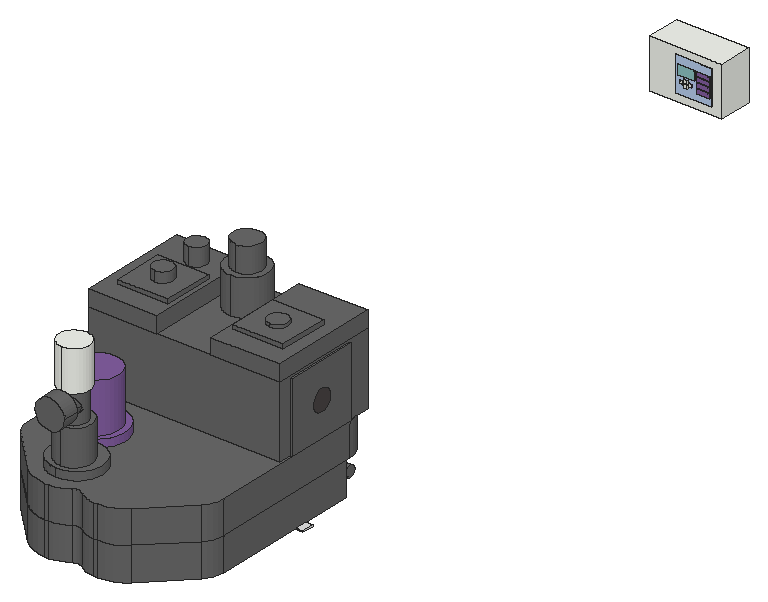
Revit family "11038", category Generic Models, Revit 2021
Family settings
  Can host rebar = No
  Round Connector Dimension = Use Diameter
  Part Type = Normal
  Work Plane-Based = No
  Always vertical = Yes
  Cut with Voids When Loaded = No
  Shared = Yes
  Room Calculation Point = No
Parameters (values of type "11038")
  SUPPLIER = "KESSEL"
  SA700ID49 = "Protection Class I"
  SA700ID48 = "no"
  SA700ID47 = "no"
  SA700ID46 = "yes"
  SA700ID37 = 16000 mm
  SA700ID34 = 47
  SA700ID33 = 3.2 W
  SA700ID32 = 65.03 kg
  SA700ID31 = 1
  SA700ID30 = 1
  SA700ID29 = "GLRD"
  SA700ID21 = 1600
  SA700ID10 = "yes"
  SA700ID08 = 400 V
  PROCUREWEBLINK = "https://p.caden.as/kessel/11038"
  PROCURELINK = "p.caden.as/kessel/11038"
  PROCUREDATALASTUPDATE = "2024-05-22T12:18:05.572715908+01:00"
  PREVIEW = "../../_pool_/1b/bb/11038.png"
  PRC_SPECIFICATIONLINK = "https://ausschreiben.de/catalog/kessel/catalogItem/348730fb-3163-4e46-a160-636735118f9f"
  NN = "Lifting station Aqualift F XL"
  NBSYN = "$SA810ID03."
  NB = "11038"
  Model = "11038"
  Manufacturer = "KESSEL"
  MIdent = "{$CADENAS_DATA/23d-libs/kessel/kessel_vdi_import/4/entwaesserung/hebeanlage20aqualift20f20xl.prj},201 {STYP=ASS},{VTYP=3D},{NB=11038},{LINA=11038},{NN=Lifting station Aqualift F XL},{DATE=21.11.2022 10:48:11},{GEOMDATE=21.11.2022 10:48:11},{VERSION=},{LINEID=430},{WBVAR=LODLEVEL},{WBNUMERIC=LODLEVEL}  {NB=11038},{LINA=11038},{KT=DUMMY},{PREVIEW=../../_pool_/1b/bb/11038.png},{SA700ID04=Hebeanlage Aqualift F XL 200 l, Mono, SPF 3000-S3, Schieber},{SA810ID06=04026092057056},{SA700ID34=47.00},{SA010ID03=201805},{SA810ID03=11038},{SA810ID10=Aqualift F XL 3000W-S3 Mono 200L m.S.KESSEL Aqualift F XL Hebeanlage für fäkalienhaltiges und fäkalienfreies Abwasser. Zur Aufstellung in frostgeschützten Räumen.Monoanlage mit einer Pumpe des Typs SPF 3000-S3 Sammelbehälter aus Polyethylen, mit verschraubter Reinigungsöffnung,Anschlussstutzen für Zulauf von oben DN100/150.Inklusive Tauchrohr zur pneumatischen Niveauerfassung,Entlüftungsanschluss DN 70 und Anschluss für eine Handmembranpumpe DN 32.Behälter inklusive Haltewinkel zur Auftriebssicherung.Behältervolumen 200 Liter, max. Nutzvolumen bei Zulauf von oben ca. 120 Liter.Zwei seitliche und zwei rückseitige Anbohrflächen zur Montage weiterer Zuläufe bis DN 200 unter Verwendung von Durchgangsdichtungen.Inklusive KESSEL Schaltgerät Aqualift Comfort 400 V.Anwenderfreundliche Menüführung im mehrzeiligem Display. MitSelbstdiagnosesystem (SDS) und Erinnerungsfunktion für nächste Wartung.Anzeige der aktuellen Messwerte. Einfache Einstellung derfunktionsrelevanten Parameter, inklusive Betriebsstundenzähler und potentialfreiem Kontakt. Optionale Weiterleitung von Alarm- und Sammelstörmeldung über GSM Schnittstelle.Schaltgerät mit Volltextanzeige in sechs Sprachen.Abwasserpumpe(n) mit Freistromrad zur Förderung von fäkalienfreiem und fäkalienhaltigem Abwasser gemäß DIN EN 12050-1. Freier Kugeldurchgang mindestens 40 mm. Pumpe(n) überflutungssicher. Inklusive Rückflussverhinderer, mit Druckabgang aus Kunststoff DN 100. Inklusive Absperrschieber.Pumpe(n) Typ SPF 3000-S3Fördermenge: max. 47 m³/hFörderhöhe: max. 16 mNennleistung (P2): 2,7 KW je PumpeAufnahmeleistung (P1):  3,3 KW je PumpeBetriebsspannung: 400 V DSNennfrequenz: 50 HzNennstrom: 5,4 AAbsicherung: 3 x 16 A trägeSchutzart (Pumpe): IP68 3mWS/48hSchutzart (Schaltgerät): IP 65Bertiebsart: S3 (50 % Einschaltdauer)Kabellänge: 5 mAußenmaße Anlage mit 200 Liter Behälter (BxTxH): 760 x 980 x 770 mm},{SA700ID37=16.00},{SA700ID33=3.20},{SA700ID08=400},{SA700ID30=1},{SA700ID32=65.03},{SA700ID49=Schutzklasse I},{SA700ID50=intern},{SA200ID03=6},{SA250ID03=vertikal},{SA260ID03=Trockenläuferpumpe},{SA350ID03=normalansaugend},{SA400ID03=E-Motor für Drehstrom},{SA460ID03=direkt},{SA500ID03=Kunststoff, Edelstahl},{SA700ID06=100},{SA700ID07=100},{SA700ID09=3/N/PE 400V},{SA700ID10=Ja},{SA700ID11=50},{SA700ID12=IP 68},{SA700ID13=F},{SA700ID15=40},{SA700ID21=1600.00},{SA700ID22=2.70},{SA700ID23=2845},{SA700ID24=2845},{SA700ID26=5.40},{SA700ID27=41.00},{SA700ID28=durchgehend},{SA700ID29=GLRD},{SA700ID31=1},{SA700ID46=ja},{SA700ID47=nein},{SA700ID48=nein},{SA110ID04=Hebeanlage Aqualift F XL},{SA300ID03=einstufig},{SA700ID44=10.00},{SA700ID45=10.00},{SA010ID04=KESSEL AG},{LODLEVEL=200},{LINK=https://www.kessel.de/info?han=11038},{SA970ID01=970},{SA970ID02=7131},{SA970ID03=11038},{SA970ID04=11002617},{SA970ID05=QUAD},{SA970ID06=-410},{SA970ID07=-850},{SA970ID08=0},{SA970ID09=1},{SA970ID10=0},{SA970ID11=0},{SA970ID12=0},{SA970ID13=1},{SA970ID14=0},{SA970ID15=820},{SA970ID16=980},{SA970ID17=771},{LODLEVEL_=200,'Low'},{LODLEVEL_DEU=200,'Low'},{LINK_=https://www.kessel.de/info?han=11038},{LINK_DEU=https://www.kessel.de/info?han=11038},{LODLEVEL_3DB=11038_200},{DNIN1=100},{DNIN2=70},{DNIN4=10},{DNIN5=10},{DNIN6=50},{DNIN7=50},{DNIN8=50},{DNIN9=50},{DNOUT1=32},{DNOUT2=100},{DNOUT3=70},{ISD1=96},{ISD2=10},{ISDOUT1=40},{ISDOUT2=60},{ISDOUT3=65},{SA010ID01=010},{SA010ID02=4},{SA010ID06=www.kessel.de},{SA010ID07=www.kessel.de},{SA010ID12=20180713},{SA010ID13=DEU},{SA010ID14=DE},{SA100ID01=100},{SA100ID02=4},{SA100ID04=Entwässerung},{SA110ID01=110},{SA110ID02=6},{SA200ID01=200},{SA200ID02=6},{SA250ID01=250},{SA250ID02=2},{SA260ID01=260},{SA260ID02=2},{SA300ID01=300},{SA300ID02=1},{SA350ID01=350},{SA350ID02=1},{SA400ID01=400},{SA400ID02=2},{SA460ID01=460},{SA460ID02=1},{SA500ID01=500},{SA500ID02=1},{SA700ID01=700},{SA700ID02=51},{SA700ID10_=1},{SA700ID16=0},{SA700ID25=0},{SA700ID46_=1},{SA700ID47_=0},{SA700ID48_=0},{SA700ID49_=1},{SA700ID50_=2},{SA800ID01=800},{SA800ID02=15},{SA810ID01=810},{SA810ID02=51},{SA810ID04=11038},{SA810ID07=51},{SA810ID09=1},{SA810ID14=PCE},{SA810ID15=1},{SA810ID16=NMP},{SA960ID03=51},{SA960ID04=3L},{SA960ID08=https://www.kessel.de/info?han=11038},{SA010ID08=4026092000007},{SA100ID05=Hebeanlage},{SA110ID06=Hebeanlage}"
  LINK = "https://www.kessel.de/info?han=11038"
  LINA = "11038"
  Default Elevation = 0 mm
  CREATOR = "CADENAS GmbH"
  CATALOG = "KESSEL"
  BOMINFO = "LINA"
  ARTICLENO = "NB"
  4.810.00.9 Order quantity (multiplicator) = "1"
  4.810.00.7 Media- connection number = "51"
  4.810.00.6 GTIN number = "04026092057056"
  4.810.00.4 DATANORM number = "11038"
  4.810.00.3 Producer order number = "11038"
  4.710.03.7 Mass (net) = 65.03 kg
  4.710.03.6 Height = 807 mm
  4.710.03.5 Width = 760 mm
  4.710.03.4 Length = 980 mm
  4.710.03.3 Type of dimensions = "2"
  4.710.02.8 Area of application of wastewater pump = "1"
  4.710.02.7 Art des S2/S3-Betriebs = "50 %"
  4.710.02.6 Duty type = "S3"
  4.710.02.5 Cutting device = "0"
  4.710.02.4 Attached pump control = "1"
  4.710.02.3 Free passage = 40 mm
  4.710.01.6 Option to connect to building automation = "40"
  4.710.01.5 Load regulation = "0"
  4.710.01.4 Designation of closed-loop control = "120"
  4.710.01.3 Identifier for closed-loop control = "200"
  4.700.00.9 Voltage = 0
  4.700.00.8 Nominal connection size on suction side = "100"
  4.700.00.7 Nominal connection size on pressure side = "100"
  4.700.00.6 Type of connection = "100"
  4.700.00.4 Product indentification = "Hebeanlage Aqualift F XL 200 l, Mono, SPF 3000-S3, Schieber"
  4.700.00.28 Motor pump shaft = "durchgehend"
  4.700.00.27 Starting current = 41
  4.700.00.26 Maximum power consumption per pump / drive = 5.4
  4.700.00.25 Minimum speed at internal speed adjustment = 0
  4.700.00.24 Nominal speed / maximum speed n = 47.4167
  4.700.00.23 Nominal speed of motor = 47.4167
  4.700.00.22 Maximum shaft output (P2) per pump/drive = 2.7 W
  4.700.00.16 Maximum temperature of pumped medium = 0 °C
  4.700.00.15 Increased safety class = "40 °C"
  4.700.00.13 Type of protection = "F"
  4.700.00.12 Frequency = 0
  4.700.00.11 Stern-/Dreieck-Anlaufschaltung bei Dreiphasenanschluss oder Drehstrom = "50 Hz"
  4.700.00.10 Phase = "1"
  4.500.00.3 Variant / Variant type / Accessories-name = "Kunststoff, Edelstahl"
  4.460.00.3 Variant / Variant type / Accessories-name = "direkt"
  4.400.00.3 Variant / Variant type / Accessories-name = "E-Motor für Drehstrom"
  4.350.00.3 Variant / Variant type / Accessories-name = "normalansaugend"
  4.300.00.3 Variant / Variant type / Accessories-name = "einstufig"
  4.260.00.3 Variant / Variant type / Accessories-name = "Trockenläuferpumpe"
  4.250.00.3 Variant / Variant type / Accessories-name = "vertikal"
  4.200.00.3 Variant / Variant type / Accessories-name = "6"
  4.110.00.6 Product classification = "Hebeanlage"
  4.110.00.4 Product indentification = "Hebeanlage Aqualift F XL"
  4.100.00.5 Main groups of wares = "Hebeanlage"
  4.100.00.4 Product indentification = "Entwässerung"
  4.010.00.8 Producer ID number = "4026092000007"
  4.010.00.7 Comment = "www.kessel.de"
  4.010.00.6 Web address of the manufacturer = "www.kessel.de"
  4.010.00.4 Manufacturer name = "KESSEL AG"
  4.010.00.3 Date of issuance (month) of guideline = "201805"
  4.010.00.2 Sheet number of the guideline = "4"
  4.010.00.14 Kennungen der Projektländer, für die die Datei gültig ist = "DE"
  4.010.00.13 Sprache der Datei = "DEU"
  4.010.00.12 Stand des Herstellerkatalogs = "20180713"
Reference planes
  plane 1 "Center (Front/Back)": y = 0
  plane 2: z = 0
  plane 3 "Center (Left/Right)": x = 0
Forms (mm)
  Extrusion 1, void
    sketch origin (380.4, -114.999, 392) x (0, -1, 0) y (0, 0, 1)
      loop
        line (-0.5, -0.5) -> (0.5, -0.5) -> (0.5, 0.5) -> (-0.5, 0.5) -> (-0.5, -0.5)
    from 0 to 1
  Extrusion 2, void
    sketch origin (160.15, 130.5, 392) x (1, 0, 0) y (0, 0, 1)
      loop
        line (-0.5, -0.5) -> (0.5, -0.5) -> (0.5, 0.5) -> (-0.5, 0.5) -> (-0.5, -0.5)
    from 0 to 1
  Extrusion 3, void
    sketch origin (-161, 130.5, 392) x (1, 0, 0) y (0, 0, 1)
      loop
        line (-0.5, -0.5) -> (0.5, -0.5) -> (0.5, 0.5) -> (-0.5, 0.5) -> (-0.5, -0.5)
    from 0 to 1
  Extrusion 4, void
    sketch origin (-380.4, -115, 392) x (0, 1, 0) y (0, 0, 1)
      loop
        line (-0.5, -0.5) -> (0.5, -0.5) -> (0.5, 0.5) -> (-0.5, 0.5) -> (-0.5, -0.5)
    from 0 to 1
Dimensions and locks
  locked: plane 2 to Extrusion 1 at 392.5
  locked: plane 2 to Extrusion 1 at 391.5
  locked: plane 2 to Extrusion 2 at 392.5
  locked: plane 2 to Extrusion 2 at 391.5
  locked: plane 2 to Extrusion 3 at 392.5
  locked: plane 2 to Extrusion 3 at 391.5
  locked: plane 2 to Extrusion 4 at 392.5
  locked: plane 2 to Extrusion 4 at 391.5
  aligned and locked: level to plane 2
Nested families
  nested 1: "11038_content" at (0, 0, 0), type "11038_Content"
  nested 2: "11038_part1_X0Y0" at (1000, 1000, 1200), type "11038_PART1_X0Y0"
  nested 3: "11038_part2_X0Y0" at (0, 0, 0), type "11038_PART2_X0Y0"
Connectors
  electrical at (911, 934.75, 1201.5)
    settings: on nested 2, index 1, voltage 0 V, apparent load 0 VA, apparent load phase1 0 VA, apparent load phase2 0 VA, apparent load phase3 0 VA, power factor 1, load classification "Other", number of poles 1, system type 31, power factor state 1, is connector primary yes, connector utility no, sub classification motor no, connector description ""
  piping at (0, 0, 771), diameter 100
    settings: on nested 3, index 2, connector inside diameter 609.6 mm, connector length 0 mm, flow factor 0, pipe flow 0.0 L/s, pressure drop 0.0 Pa, fitting loss kfactor 0, connector angle 0.00°, fixture units 0, engagement length 0 mm, angle of deflection 0.00°, flow configuration 0, flow direction 1, fitting loss method 2, system type 8, joint type 0, gender type 0, connector reference index -1, connector utility 0, adjustable connector no, is connector primary yes, connector description ""
  piping at (380.4, -114.999, 392), diameter 70
    settings: on Extrusion 1, index 3, connector inside diameter 609.6 mm, connector length 0 mm, flow factor 0, pipe flow 0.0 L/s, pressure drop 0.0 Pa, fitting loss kfactor 0, connector angle 0.00°, fixture units 0, engagement length 0 mm, angle of deflection 0.00°, flow configuration 0, flow direction 0, fitting loss method 2, system type 8, joint type 0, gender type 0, connector reference index -1, connector utility 0, adjustable connector no, is connector primary no, connector description ""
  piping at (160.15, 130.5, 392), diameter 70
    settings: on Extrusion 2, index 4, connector inside diameter 609.6 mm, connector length 0 mm, flow factor 0, pipe flow 0.0 L/s, pressure drop 0.0 Pa, fitting loss kfactor 0, connector angle 0.00°, fixture units 0, engagement length 0 mm, angle of deflection 0.00°, flow configuration 0, flow direction 0, fitting loss method 2, system type 8, joint type 0, gender type 0, connector reference index -1, connector utility 0, adjustable connector no, is connector primary no, connector description ""
  piping at (-161, 130.5, 392), diameter 70
    settings: on Extrusion 3, index 5, connector inside diameter 609.6 mm, connector length 0 mm, flow factor 0, pipe flow 0.0 L/s, pressure drop 0.0 Pa, fitting loss kfactor 0, connector angle 0.00°, fixture units 0, engagement length 0 mm, angle of deflection 0.00°, flow configuration 0, flow direction 0, fitting loss method 2, system type 8, joint type 0, gender type 0, connector reference index -1, connector utility 0, adjustable connector no, is connector primary no, connector description ""
  piping at (-380.4, -115, 392), diameter 70
    settings: on Extrusion 4, index 6, connector inside diameter 609.6 mm, connector length 0 mm, flow factor 0, pipe flow 0.0 L/s, pressure drop 0.0 Pa, fitting loss kfactor 0, connector angle 0.00°, fixture units 0, engagement length 0 mm, angle of deflection 0.00°, flow configuration 0, flow direction 0, fitting loss method 2, system type 8, joint type 0, gender type 0, connector reference index -1, connector utility 0, adjustable connector no, is connector primary no, connector description ""
  piping at (-100, -830, 487), diameter 100
    settings: on nested 3, index 7, connector inside diameter 609.6 mm, connector length 0 mm, flow factor 0, pipe flow 0.0 L/s, pressure drop 0.0 Pa, fitting loss kfactor 0, connector angle 0.00°, fixture units 0, engagement length 0 mm, angle of deflection 0.00°, flow configuration 0, flow direction 2, fitting loss method 2, system type 7, joint type 0, gender type 0, connector reference index -1, connector utility 0, adjustable connector no, is connector primary no, connector description ""
  piping at (-225, 36, 661), diameter 70
    settings: on nested 3, index 8, connector inside diameter 609.6 mm, connector length 0 mm, flow factor 0, pipe flow 0.0 L/s, pressure drop 0.0 Pa, fitting loss kfactor 0, connector angle 0.00°, fixture units 0, engagement length 0 mm, angle of deflection 0.00°, flow configuration 0, flow direction 2, fitting loss method 2, system type 7, joint type 0, gender type 0, connector reference index -1, connector utility 0, adjustable connector no, is connector primary no, connector description ""
  piping at (354.5, 56, 60), diameter 32
    settings: on nested 3, index 9, connector inside diameter 609.6 mm, connector length 0 mm, flow factor 0, pipe flow 0.0 L/s, pressure drop 0.0 Pa, fitting loss kfactor 0, connector angle 0.00°, fixture units 0, engagement length 0 mm, angle of deflection 0.00°, flow configuration 0, flow direction 2, fitting loss method 2, system type 8, joint type 0, gender type 0, connector reference index -1, connector utility 0, adjustable connector no, is connector primary no, connector description ""
  electrical at (-185, -496.75, 477)
    settings: on nested 3, index 10, voltage 0 V, apparent load 0 VA, apparent load phase1 0 VA, apparent load phase2 0 VA, apparent load phase3 0 VA, power factor 1, load classification "Other", number of poles 1, system type 31, power factor state 1, is connector primary no, connector utility no, sub classification motor no, connector description ""
  electrical at (-222.5, -129, 650)
    settings: on nested 3, index 11, voltage 0 V, apparent load 0 VA, apparent load phase1 0 VA, apparent load phase2 0 VA, apparent load phase3 0 VA, power factor 1, load classification "Other", number of poles 1, system type 31, power factor state 1, is connector primary no, connector utility no, sub classification motor no, connector description ""
Definition of nested family "11038_part1_X0Y0"
  Parameters (values of type "11038_PART1_X0Y0")
    SUPPLIER = "KESSEL"
    SA700ID49 = "Protection Class I"
    SA700ID48 = "no"
    SA700ID47 = "no"
    SA700ID46 = "yes"
    SA700ID37 = 16000 mm
    SA700ID34 = 47
    SA700ID33 = 3.2 W
    SA700ID32 = 65.03 kg
    SA700ID31 = 1
    SA700ID30 = 1
    SA700ID29 = "GLRD"
    SA700ID21 = 1600
    SA700ID10 = "yes"
    SA700ID08 = 400 V
    PREVIEW = "../../_pool_/1b/bb/11038.png"
    NBSYN = "$SA810ID03._PART1"
    NB = "11038_PART1"
    Model = "11038_PART1"
    Manufacturer = "KESSEL"
    MIdent = "{$CADENAS_DATA/23d-libs/kessel/kessel_vdi_import/4/entwaesserung/hebeanlage20aqualift20f20xl.prj},221 {VTYP=3D},{NB=11038_PART1},{LINA=11038_PART1},{NN=Lifting station Aqualift F XL_PART1},{NOPRJ=TRUE},{DATE=21.11.2022 10:48:11},{GEOMDATE=21.11.2022 10:48:11},{VERSION=},{LINEID=430},{WBVAR=LODLEVEL},{WBNUMERIC=LODLEVEL}  {NB=11038_PART1},{LINA=11038_PART1},{KT=DUMMY},{PREVIEW=../../_pool_/1b/bb/11038.png},{SA700ID04=Hebeanlage Aqualift F XL 200 l, Mono, SPF 3000-S3, Schieber},{SA810ID06=04026092057056},{SA700ID34=47.00},{SA010ID03=201805},{SA810ID03=11038},{SA810ID10=Aqualift F XL 3000W-S3 Mono 200L m.S.KESSEL Aqualift F XL Hebeanlage für fäkalienhaltiges und fäkalienfreies Abwasser. Zur Aufstellung in frostgeschützten Räumen.Monoanlage mit einer Pumpe des Typs SPF 3000-S3 Sammelbehälter aus Polyethylen, mit verschraubter Reinigungsöffnung,Anschlussstutzen für Zulauf von oben DN100/150.Inklusive Tauchrohr zur pneumatischen Niveauerfassung,Entlüftungsanschluss DN 70 und Anschluss für eine Handmembranpumpe DN 32.Behälter inklusive Haltewinkel zur Auftriebssicherung.Behältervolumen 200 Liter, max. Nutzvolumen bei Zulauf von oben ca. 120 Liter.Zwei seitliche und zwei rückseitige Anbohrflächen zur Montage weiterer Zuläufe bis DN 200 unter Verwendung von Durchgangsdichtungen.Inklusive KESSEL Schaltgerät Aqualift Comfort 400 V.Anwenderfreundliche Menüführung im mehrzeiligem Display. MitSelbstdiagnosesystem (SDS) und Erinnerungsfunktion für nächste Wartung.Anzeige der aktuellen Messwerte. Einfache Einstellung derfunktionsrelevanten Parameter, inklusive Betriebsstundenzähler und potentialfreiem Kontakt. Optionale Weiterleitung von Alarm- und Sammelstörmeldung über GSM Schnittstelle.Schaltgerät mit Volltextanzeige in sechs Sprachen.Abwasserpumpe(n) mit Freistromrad zur Förderung von fäkalienfreiem und fäkalienhaltigem Abwasser gemäß DIN EN 12050-1. Freier Kugeldurchgang mindestens 40 mm. Pumpe(n) überflutungssicher. Inklusive Rückflussverhinderer, mit Druckabgang aus Kunststoff DN 100. Inklusive Absperrschieber.Pumpe(n) Typ SPF 3000-S3Fördermenge: max. 47 m³/hFörderhöhe: max. 16 mNennleistung (P2): 2,7 KW je PumpeAufnahmeleistung (P1):  3,3 KW je PumpeBetriebsspannung: 400 V DSNennfrequenz: 50 HzNennstrom: 5,4 AAbsicherung: 3 x 16 A trägeSchutzart (Pumpe): IP68 3mWS/48hSchutzart (Schaltgerät): IP 65Bertiebsart: S3 (50 % Einschaltdauer)Kabellänge: 5 mAußenmaße Anlage mit 200 Liter Behälter (BxTxH): 760 x 980 x 770 mm},{SA700ID37=16.00},{SA700ID33=3.20},{SA700ID08=400},{SA700ID30=1},{SA700ID32=65.03},{SA700ID49=Schutzklasse I},{SA700ID50=intern},{SA200ID03=6},{SA250ID03=vertikal},{SA260ID03=Trockenläuferpumpe},{SA350ID03=normalansaugend},{SA400ID03=E-Motor für Drehstrom},{SA460ID03=direkt},{SA500ID03=Kunststoff, Edelstahl},{SA700ID06=100},{SA700ID07=100},{SA700ID09=3/N/PE 400V},{SA700ID10=Ja},{SA700ID11=50},{SA700ID12=IP 68},{SA700ID13=F},{SA700ID15=40},{SA700ID21=1600.00},{SA700ID22=2.70},{SA700ID23=2845},{SA700ID24=2845},{SA700ID26=5.40},{SA700ID27=41.00},{SA700ID28=durchgehend},{SA700ID29=GLRD},{SA700ID31=1},{SA700ID46=ja},{SA700ID47=nein},{SA700ID48=nein},{SA110ID04=Hebeanlage Aqualift F XL},{SA300ID03=einstufig},{SA700ID44=10.00},{SA700ID45=10.00},{SA010ID04=KESSEL AG},{LODLEVEL=200},{LINK=https://www.kessel.de/info?han=11038},{SA970ID01=970},{SA970ID02=7131},{SA970ID03=11038},{SA970ID04=11002617},{SA970ID05=QUAD},{SA970ID06=-410},{SA970ID07=-850},{SA970ID08=0},{SA970ID09=1},{SA970ID10=0},{SA970ID11=0},{SA970ID12=0},{SA970ID13=1},{SA970ID14=0},{SA970ID15=820},{SA970ID16=980},{SA970ID17=771},{LODLEVEL_=200,'Low'},{LODLEVEL_DEU=200,'Low'},{LINK_=https://www.kessel.de/info?han=11038},{LINK_DEU=https://www.kessel.de/info?han=11038},{LODLEVEL_3DB=11038_200},{DNIN1=100},{DNIN2=70},{DNIN4=10},{DNIN5=10},{DNIN6=50},{DNIN7=50},{DNIN8=50},{DNIN9=50},{DNOUT1=32},{DNOUT2=100},{DNOUT3=70},{ISD1=96},{ISD2=10},{ISDOUT1=40},{ISDOUT2=60},{ISDOUT3=65},{SA010ID01=010},{SA010ID02=4},{SA010ID06=www.kessel.de},{SA010ID07=www.kessel.de},{SA010ID12=20180713},{SA010ID13=DEU},{SA010ID14=DE},{SA100ID01=100},{SA100ID02=4},{SA100ID04=Entwässerung},{SA110ID01=110},{SA110ID02=6},{SA200ID01=200},{SA200ID02=6},{SA250ID01=250},{SA250ID02=2},{SA260ID01=260},{SA260ID02=2},{SA300ID01=300},{SA300ID02=1},{SA350ID01=350},{SA350ID02=1},{SA400ID01=400},{SA400ID02=2},{SA460ID01=460},{SA460ID02=1},{SA500ID01=500},{SA500ID02=1},{SA700ID01=700},{SA700ID02=51},{SA700ID10_=1},{SA700ID16=0},{SA700ID25=0},{SA700ID46_=1},{SA700ID47_=0},{SA700ID48_=0},{SA700ID49_=1},{SA700ID50_=2},{SA800ID01=800},{SA800ID02=15},{SA810ID01=810},{SA810ID02=51},{SA810ID04=11038},{SA810ID07=51},{SA810ID09=1},{SA810ID14=PCE},{SA810ID15=1},{SA810ID16=NMP},{SA960ID03=51},{SA960ID04=3L},{SA960ID08=https://www.kessel.de/info?han=11038},{SA010ID08=4026092000007},{SA100ID05=Hebeanlage},{SA110ID06=Hebeanlage}"
    LINK = "https://www.kessel.de/info?han=11038"
    LINA = "11038_PART1"
    Default Elevation = 1219.2 mm
    CREATOR = "CADENAS GmbH"
    CATALOG = "KESSEL"
    BOMINFO = "LINA"
    ARTICLENO = "NB"
    4.810.00.9 Order quantity (multiplicator) = "1"
    4.810.00.7 Media- connection number = "51"
    4.810.00.6 GTIN number = "04026092057056"
    4.810.00.4 DATANORM number = "11038"
    4.810.00.3 Producer order number = "11038"
    4.710.03.7 Mass (net) = 65.03 kg
    4.710.03.6 Height = 807 mm
    4.710.03.5 Width = 760 mm
    4.710.03.4 Length = 980 mm
    4.710.03.3 Type of dimensions = "2"
    4.710.02.8 Area of application of wastewater pump = "1"
    4.710.02.7 Art des S2/S3-Betriebs = "50 %"
    4.710.02.6 Duty type = "S3"
    4.710.02.5 Cutting device = "0"
    4.710.02.4 Attached pump control = "1"
    4.710.02.3 Free passage = 40 mm
    4.710.01.6 Option to connect to building automation = "40"
    4.710.01.5 Load regulation = "0"
    4.710.01.4 Designation of closed-loop control = "120"
    4.710.01.3 Identifier for closed-loop control = "200"
    4.700.00.9 Voltage = 0
    4.700.00.8 Nominal connection size on suction side = "100"
    4.700.00.7 Nominal connection size on pressure side = "100"
    4.700.00.6 Type of connection = "100"
    4.700.00.4 Product indentification = "Hebeanlage Aqualift F XL 200 l, Mono, SPF 3000-S3, Schieber"
    4.700.00.28 Motor pump shaft = "durchgehend"
    4.700.00.27 Starting current = 41
    4.700.00.26 Maximum power consumption per pump / drive = 5.4
    4.700.00.25 Minimum speed at internal speed adjustment = 0
    4.700.00.24 Nominal speed / maximum speed n = 47.4167
    4.700.00.23 Nominal speed of motor = 47.4167
    4.700.00.22 Maximum shaft output (P2) per pump/drive = 2.7 W
    4.700.00.16 Maximum temperature of pumped medium = 0 °C
    4.700.00.15 Increased safety class = "40 °C"
    4.700.00.13 Type of protection = "F"
    4.700.00.12 Frequency = 0
    4.700.00.11 Stern-/Dreieck-Anlaufschaltung bei Dreiphasenanschluss oder Drehstrom = "50 Hz"
    4.700.00.10 Phase = "1"
    4.500.00.3 Variant / Variant type / Accessories-name = "Kunststoff, Edelstahl"
    4.460.00.3 Variant / Variant type / Accessories-name = "direkt"
    4.400.00.3 Variant / Variant type / Accessories-name = "E-Motor für Drehstrom"
    4.350.00.3 Variant / Variant type / Accessories-name = "normalansaugend"
    4.300.00.3 Variant / Variant type / Accessories-name = "einstufig"
    4.260.00.3 Variant / Variant type / Accessories-name = "Trockenläuferpumpe"
    4.250.00.3 Variant / Variant type / Accessories-name = "vertikal"
    4.200.00.3 Variant / Variant type / Accessories-name = "6"
    4.110.00.6 Product classification = "Hebeanlage"
    4.110.00.4 Product indentification = "Hebeanlage Aqualift F XL"
    4.100.00.5 Main groups of wares = "Hebeanlage"
    4.100.00.4 Product indentification = "Entwässerung"
    4.010.00.8 Producer ID number = "4026092000007"
    4.010.00.7 Comment = "www.kessel.de"
    4.010.00.6 Web address of the manufacturer = "www.kessel.de"
    4.010.00.4 Manufacturer name = "KESSEL AG"
    4.010.00.3 Date of issuance (month) of guideline = "201805"
    4.010.00.2 Sheet number of the guideline = "4"
    4.010.00.14 Kennungen der Projektländer, für die die Datei gültig ist = "DE"
    4.010.00.13 Sprache der Datei = "DEU"
    4.010.00.12 Stand des Herstellerkatalogs = "20180713"
  Reference planes
    plane 1 "Center (Front/Back)": y = 0
    plane 2: z = 0
    plane 3 "Center (Left/Right)": x = 0
  Dimensions and locks
    aligned and locked: level to plane 2
  Nested families
    nested 1: "11038_part1_content" at (0, 0, 0), type "11038_PART1_Content"
  Definition of nested family "11038_part1_content"
    Parameters (values of type "11038_PART1_Content")
      SUPPLIER = "KESSEL"
      SA700ID49 = "Protection Class I"
      SA700ID48 = "no"
      SA700ID47 = "no"
      SA700ID46 = "yes"
      SA700ID37 = 16000 mm
      SA700ID34 = 47
      SA700ID33 = 3.2 W
      SA700ID32 = 65.03 kg
      SA700ID31 = 1
      SA700ID30 = 1
      SA700ID29 = "GLRD"
      SA700ID21 = 1600
      SA700ID10 = "yes"
      SA700ID08 = 400 V
      PREVIEW = "../../_pool_/1b/bb/11038.png"
      NBSYN = "$SA810ID03._PART1"
      NB = "11038_PART1"
      Model = "11038_PART1"
      Manufacturer = "KESSEL"
      LINK = "https://www.kessel.de/info?han=11038"
      LINA = "11038_PART1"
      Default Elevation = 1219.2 mm
      CREATOR = "CADENAS GmbH"
      CATALOG = "KESSEL"
      BOMINFO = "LINA"
      ARTICLENO = "NB"
      4.810.00.9 Order quantity (multiplicator) = "1"
      4.810.00.7 Media- connection number = "51"
      4.810.00.6 GTIN number = "04026092057056"
      4.810.00.4 DATANORM number = "11038"
      4.810.00.3 Producer order number = "11038"
      4.710.03.7 Mass (net) = 65.03 kg
      4.710.03.6 Height = 807 mm
      4.710.03.5 Width = 760 mm
      4.710.03.4 Length = 980 mm
      4.710.03.3 Type of dimensions = "2"
      4.710.02.8 Area of application of wastewater pump = "1"
      4.710.02.7 Art des S2/S3-Betriebs = "50 %"
      4.710.02.6 Duty type = "S3"
      4.710.02.5 Cutting device = "0"
      4.710.02.4 Attached pump control = "1"
      4.710.02.3 Free passage = 40 mm
      4.710.01.6 Option to connect to building automation = "40"
      4.710.01.5 Load regulation = "0"
      4.710.01.4 Designation of closed-loop control = "120"
      4.710.01.3 Identifier for closed-loop control = "200"
      4.700.00.9 Voltage = 0
      4.700.00.8 Nominal connection size on suction side = "100"
      4.700.00.7 Nominal connection size on pressure side = "100"
      4.700.00.6 Type of connection = "100"
      4.700.00.4 Product indentification = "Hebeanlage Aqualift F XL 200 l, Mono, SPF 3000-S3, Schieber"
      4.700.00.28 Motor pump shaft = "durchgehend"
      4.700.00.27 Starting current = 41
      4.700.00.26 Maximum power consumption per pump / drive = 5.4
      4.700.00.25 Minimum speed at internal speed adjustment = 0
      4.700.00.24 Nominal speed / maximum speed n = 47.4167
      4.700.00.23 Nominal speed of motor = 47.4167
      4.700.00.22 Maximum shaft output (P2) per pump/drive = 2.7 W
      4.700.00.16 Maximum temperature of pumped medium = 0 °C
      4.700.00.15 Increased safety class = "40 °C"
      4.700.00.13 Type of protection = "F"
      4.700.00.12 Frequency = 0
      4.700.00.11 Stern-/Dreieck-Anlaufschaltung bei Dreiphasenanschluss oder Drehstrom = "50 Hz"
      4.700.00.10 Phase = "1"
      4.500.00.3 Variant / Variant type / Accessories-name = "Kunststoff, Edelstahl"
      4.460.00.3 Variant / Variant type / Accessories-name = "direkt"
      4.400.00.3 Variant / Variant type / Accessories-name = "E-Motor für Drehstrom"
      4.350.00.3 Variant / Variant type / Accessories-name = "normalansaugend"
      4.300.00.3 Variant / Variant type / Accessories-name = "einstufig"
      4.260.00.3 Variant / Variant type / Accessories-name = "Trockenläuferpumpe"
      4.250.00.3 Variant / Variant type / Accessories-name = "vertikal"
      4.200.00.3 Variant / Variant type / Accessories-name = "6"
      4.110.00.6 Product classification = "Hebeanlage"
      4.110.00.4 Product indentification = "Hebeanlage Aqualift F XL"
      4.100.00.5 Main groups of wares = "Hebeanlage"
      4.100.00.4 Product indentification = "Entwässerung"
      4.010.00.8 Producer ID number = "4026092000007"
      4.010.00.7 Comment = "www.kessel.de"
      4.010.00.6 Web address of the manufacturer = "www.kessel.de"
      4.010.00.4 Manufacturer name = "KESSEL AG"
      4.010.00.3 Date of issuance (month) of guideline = "201805"
      4.010.00.2 Sheet number of the guideline = "4"
      4.010.00.14 Kennungen der Projektländer, für die die Datei gültig ist = "DE"
      4.010.00.13 Sprache der Datei = "DEU"
      4.010.00.12 Stand des Herstellerkatalogs = "20180713"
    Reference planes
      plane 1 "Center (Front/Back)": y = 0
      plane 2: z = 0
      plane 3 "Center (Left/Right)": x = 0
    Forms (mm)
      Extrusion 1, solid, detail levels medium+fine
        sketch origin (139, 0, 0.2) x (0, -1, 0) y (0, 0, 1)
          loop
            line (0, 187.8) -> (0, 0) -> (127.75, 0) -> (127.75, 187.8) -> (0, 187.8)
        from 0 to 278
      Extrusion 2, solid, detail levels medium+fine
        sketch origin (101, -127.75, 26.5) x (0, -1, 0) y (0, 0, 1)
          loop
            line (-1.2, 134.8) -> (-1.2, 0) -> (0.25, 0) -> (0.25, 134.8) -> (-1.2, 134.8)
        from 0 to 139.9
      Extrusion 3, solid, detail levels medium+fine
        sketch origin (22.75, -128, 66) x (0, -1, 0) y (0, 0, 1)
          loop
            line (-1, 12) -> (-1, 0) -> (0.5, 0) -> (0.5, 12) -> (-1, 12)
        from 0 to 12
      Extrusion 4, solid, detail levels medium+fine
        sketch origin (34.65, -128, 93.4) x (0, -1, 0) y (0, 0, 1)
          loop
            line (-1, 37) -> (-1, 0) -> (0.5, 0) -> (0.5, 37) -> (-1, 37)
        from 0 to 66
      Extrusion 5, solid, detail levels medium+fine
        sketch origin (5.5, -128, 74) x (0, -1, 0) y (0, 0, 1)
          loop
            line (-1, 12) -> (-1, 0) -> (0.5, 0) -> (0.5, 12) -> (-1, 12)
        from 0 to 12
      Extrusion 6, solid, detail levels medium+fine
        sketch origin (93.5, -128, 94.4) x (0, -1, 0) y (0, 0, 1)
          loop
            line (0, 16) -> (0, 0) -> (1.75, 0) -> (1.75, 16) -> (0, 16)
        from 0 to 51
      Extrusion 7, solid, detail levels medium+fine
        sketch origin (93.5, -128, 74.4) x (0, -1, 0) y (0, 0, 1)
          loop
            line (0, 16) -> (0, 0) -> (1.75, 0) -> (1.75, 16) -> (0, 16)
        from 0 to 51
      Extrusion 8, solid, detail levels medium+fine
        sketch origin (5.5, -128, 57.5) x (0, -1, 0) y (0, 0, 1)
          loop
            line (-1, 12) -> (-1, 0) -> (0.5, 0) -> (0.5, 12) -> (-1, 12)
        from 0 to 12
      Extrusion 9, solid, detail levels medium+fine
        sketch origin (93.5, -128, 114.4) x (0, -1, 0) y (0, 0, 1)
          loop
            line (0, 16) -> (0, 0) -> (1.75, 0) -> (1.75, 16) -> (0, 16)
        from 0 to 51
      Extrusion 10, solid, detail levels medium+fine
        sketch origin (93.5, -128, 54.4) x (0, -1, 0) y (0, 0, 1)
          loop
            line (0, 16) -> (0, 0) -> (1.75, 0) -> (1.75, 16) -> (0, 16)
        from 0 to 51
      Extrusion 11, solid, detail levels medium+fine
        sketch origin (-11.75, -128, 66) x (0, -1, 0) y (0, 0, 1)
          loop
            line (-1, 12) -> (-1, 0) -> (0.5, 0) -> (0.5, 12) -> (-1, 12)
        from 0 to 12
      Extrusion 12, solid, detail levels medium+fine
        sketch origin (12, -40.25, 0) x (0, 1, 0) y (-1, 0, 0)
          loop
            circle (0, 0) r 5.25
        from 0 to 1.5
      Extrusion 13, solid, detail levels medium+fine
        sketch origin (27, -70.25, 0) x (0, 1, 0) y (-1, 0, 0)
          loop
            circle (0, 0) r 8
        from 0 to 1.5
      Extrusion 14, solid, detail levels medium+fine
        sketch origin (-44, -65.25, 0) x (0, 1, 0) y (-1, 0, 0)
          loop
            circle (0, 0) r 12.5
        from 0 to 1.5
      Extrusion 15, solid, detail levels medium+fine
        sketch origin (42, -42, 0) x (0, 1, 0) y (-1, 0, 0)
          loop
            circle (0, 0) r 8
        from 0 to 1.5
      Extrusion 16, solid, detail levels medium+fine
        sketch origin (57, -70.25, 0) x (0, 1, 0) y (-1, 0, 0)
          loop
            circle (0, 0) r 8
        from 0 to 1.5
      Extrusion 17, solid, detail levels medium+fine
        sketch origin (72, -42, 0) x (0, 1, 0) y (-1, 0, 0)
          loop
            circle (0, 0) r 8
        from 0 to 1.5
      Extrusion 18, solid, detail levels medium+fine
        sketch origin (87, -70.25, 0) x (0, 1, 0) y (-1, 0, 0)
          loop
            circle (0, 0) r 8
        from 0 to 1.5
      Extrusion 19, solid, detail levels medium+fine
        sketch origin (-89, -65.25, 0) x (0, 1, 0) y (-1, 0, 0)
          loop
            circle (0, 0) r 12.5
        from 0 to 1.5
      Extrusion 20, solid, detail levels medium+fine
        sketch origin (77, -15, 0) x (0, 1, 0) y (-1, 0, 0)
          loop
            circle (0, 0) r 6
        from 0 to 1.5
      Extrusion 21, solid, detail levels medium+fine
        sketch origin (102, -42, 0) x (0, 1, 0) y (-1, 0, 0)
          loop
            circle (0, 0) r 8
        from 0 to 1.5
      Extrusion 22, solid, detail levels coarse
        sketch origin (0, -64.875, 0) x (1, 0, 0) y (0, 1, 0)
          loop
            line (-139, -64.875) -> (139, -64.875) -> (139, 64.875) -> (-139, 64.875) -> (-139, -64.875)
        from 0 to 188
    Dimensions and locks
      aligned and locked: level to plane 2
Definition of nested family "11038_part2_X0Y0"
  Parameters (values of type "11038_PART2_X0Y0")
    SUPPLIER = "KESSEL"
    SA700ID49 = "Protection Class I"
    SA700ID48 = "no"
    SA700ID47 = "no"
    SA700ID46 = "yes"
    SA700ID37 = 16000 mm
    SA700ID34 = 47
    SA700ID33 = 3.2 W
    SA700ID32 = 65.03 kg
    SA700ID31 = 1
    SA700ID30 = 1
    SA700ID29 = "GLRD"
    SA700ID21 = 1600
    SA700ID10 = "yes"
    SA700ID08 = 400 V
    PREVIEW = "../../_pool_/1b/bb/11038.png"
    NBSYN = "$SA810ID03._PART2"
    NB = "11038_PART2"
    Model = "11038_PART2"
    Manufacturer = "KESSEL"
    MIdent = "{$CADENAS_DATA/23d-libs/kessel/kessel_vdi_import/4/entwaesserung/hebeanlage20aqualift20f20xl.prj},221 {VTYP=3D},{NB=11038_PART2},{LINA=11038_PART2},{NN=Lifting station Aqualift F XL_PART2},{NOPRJ=TRUE},{DATE=21.11.2022 10:48:11},{GEOMDATE=21.11.2022 10:48:11},{VERSION=},{LINEID=430},{WBVAR=LODLEVEL},{WBNUMERIC=LODLEVEL}  {NB=11038_PART2},{LINA=11038_PART2},{KT=DUMMY},{PREVIEW=../../_pool_/1b/bb/11038.png},{SA700ID04=Hebeanlage Aqualift F XL 200 l, Mono, SPF 3000-S3, Schieber},{SA810ID06=04026092057056},{SA700ID34=47.00},{SA010ID03=201805},{SA810ID03=11038},{SA810ID10=Aqualift F XL 3000W-S3 Mono 200L m.S.KESSEL Aqualift F XL Hebeanlage für fäkalienhaltiges und fäkalienfreies Abwasser. Zur Aufstellung in frostgeschützten Räumen.Monoanlage mit einer Pumpe des Typs SPF 3000-S3 Sammelbehälter aus Polyethylen, mit verschraubter Reinigungsöffnung,Anschlussstutzen für Zulauf von oben DN100/150.Inklusive Tauchrohr zur pneumatischen Niveauerfassung,Entlüftungsanschluss DN 70 und Anschluss für eine Handmembranpumpe DN 32.Behälter inklusive Haltewinkel zur Auftriebssicherung.Behältervolumen 200 Liter, max. Nutzvolumen bei Zulauf von oben ca. 120 Liter.Zwei seitliche und zwei rückseitige Anbohrflächen zur Montage weiterer Zuläufe bis DN 200 unter Verwendung von Durchgangsdichtungen.Inklusive KESSEL Schaltgerät Aqualift Comfort 400 V.Anwenderfreundliche Menüführung im mehrzeiligem Display. MitSelbstdiagnosesystem (SDS) und Erinnerungsfunktion für nächste Wartung.Anzeige der aktuellen Messwerte. Einfache Einstellung derfunktionsrelevanten Parameter, inklusive Betriebsstundenzähler und potentialfreiem Kontakt. Optionale Weiterleitung von Alarm- und Sammelstörmeldung über GSM Schnittstelle.Schaltgerät mit Volltextanzeige in sechs Sprachen.Abwasserpumpe(n) mit Freistromrad zur Förderung von fäkalienfreiem und fäkalienhaltigem Abwasser gemäß DIN EN 12050-1. Freier Kugeldurchgang mindestens 40 mm. Pumpe(n) überflutungssicher. Inklusive Rückflussverhinderer, mit Druckabgang aus Kunststoff DN 100. Inklusive Absperrschieber.Pumpe(n) Typ SPF 3000-S3Fördermenge: max. 47 m³/hFörderhöhe: max. 16 mNennleistung (P2): 2,7 KW je PumpeAufnahmeleistung (P1):  3,3 KW je PumpeBetriebsspannung: 400 V DSNennfrequenz: 50 HzNennstrom: 5,4 AAbsicherung: 3 x 16 A trägeSchutzart (Pumpe): IP68 3mWS/48hSchutzart (Schaltgerät): IP 65Bertiebsart: S3 (50 % Einschaltdauer)Kabellänge: 5 mAußenmaße Anlage mit 200 Liter Behälter (BxTxH): 760 x 980 x 770 mm},{SA700ID37=16.00},{SA700ID33=3.20},{SA700ID08=400},{SA700ID30=1},{SA700ID32=65.03},{SA700ID49=Schutzklasse I},{SA700ID50=intern},{SA200ID03=6},{SA250ID03=vertikal},{SA260ID03=Trockenläuferpumpe},{SA350ID03=normalansaugend},{SA400ID03=E-Motor für Drehstrom},{SA460ID03=direkt},{SA500ID03=Kunststoff, Edelstahl},{SA700ID06=100},{SA700ID07=100},{SA700ID09=3/N/PE 400V},{SA700ID10=Ja},{SA700ID11=50},{SA700ID12=IP 68},{SA700ID13=F},{SA700ID15=40},{SA700ID21=1600.00},{SA700ID22=2.70},{SA700ID23=2845},{SA700ID24=2845},{SA700ID26=5.40},{SA700ID27=41.00},{SA700ID28=durchgehend},{SA700ID29=GLRD},{SA700ID31=1},{SA700ID46=ja},{SA700ID47=nein},{SA700ID48=nein},{SA110ID04=Hebeanlage Aqualift F XL},{SA300ID03=einstufig},{SA700ID44=10.00},{SA700ID45=10.00},{SA010ID04=KESSEL AG},{LODLEVEL=200},{LINK=https://www.kessel.de/info?han=11038},{SA970ID01=970},{SA970ID02=7131},{SA970ID03=11038},{SA970ID04=11002617},{SA970ID05=QUAD},{SA970ID06=-410},{SA970ID07=-850},{SA970ID08=0},{SA970ID09=1},{SA970ID10=0},{SA970ID11=0},{SA970ID12=0},{SA970ID13=1},{SA970ID14=0},{SA970ID15=820},{SA970ID16=980},{SA970ID17=771},{LODLEVEL_=200,'Low'},{LODLEVEL_DEU=200,'Low'},{LINK_=https://www.kessel.de/info?han=11038},{LINK_DEU=https://www.kessel.de/info?han=11038},{LODLEVEL_3DB=11038_200},{DNIN1=100},{DNIN2=70},{DNIN4=10},{DNIN5=10},{DNIN6=50},{DNIN7=50},{DNIN8=50},{DNIN9=50},{DNOUT1=32},{DNOUT2=100},{DNOUT3=70},{ISD1=96},{ISD2=10},{ISDOUT1=40},{ISDOUT2=60},{ISDOUT3=65},{SA010ID01=010},{SA010ID02=4},{SA010ID06=www.kessel.de},{SA010ID07=www.kessel.de},{SA010ID12=20180713},{SA010ID13=DEU},{SA010ID14=DE},{SA100ID01=100},{SA100ID02=4},{SA100ID04=Entwässerung},{SA110ID01=110},{SA110ID02=6},{SA200ID01=200},{SA200ID02=6},{SA250ID01=250},{SA250ID02=2},{SA260ID01=260},{SA260ID02=2},{SA300ID01=300},{SA300ID02=1},{SA350ID01=350},{SA350ID02=1},{SA400ID01=400},{SA400ID02=2},{SA460ID01=460},{SA460ID02=1},{SA500ID01=500},{SA500ID02=1},{SA700ID01=700},{SA700ID02=51},{SA700ID10_=1},{SA700ID16=0},{SA700ID25=0},{SA700ID46_=1},{SA700ID47_=0},{SA700ID48_=0},{SA700ID49_=1},{SA700ID50_=2},{SA800ID01=800},{SA800ID02=15},{SA810ID01=810},{SA810ID02=51},{SA810ID04=11038},{SA810ID07=51},{SA810ID09=1},{SA810ID14=PCE},{SA810ID15=1},{SA810ID16=NMP},{SA960ID03=51},{SA960ID04=3L},{SA960ID08=https://www.kessel.de/info?han=11038},{SA010ID08=4026092000007},{SA100ID05=Hebeanlage},{SA110ID06=Hebeanlage}"
    LINK = "https://www.kessel.de/info?han=11038"
    LINA = "11038_PART2"
    Default Elevation = 1219.2 mm
    CREATOR = "CADENAS GmbH"
    CATALOG = "KESSEL"
    BOMINFO = "LINA"
    ARTICLENO = "NB"
    4.810.00.9 Order quantity (multiplicator) = "1"
    4.810.00.7 Media- connection number = "51"
    4.810.00.6 GTIN number = "04026092057056"
    4.810.00.4 DATANORM number = "11038"
    4.810.00.3 Producer order number = "11038"
    4.710.03.7 Mass (net) = 65.03 kg
    4.710.03.6 Height = 807 mm
    4.710.03.5 Width = 760 mm
    4.710.03.4 Length = 980 mm
    4.710.03.3 Type of dimensions = "2"
    4.710.02.8 Area of application of wastewater pump = "1"
    4.710.02.7 Art des S2/S3-Betriebs = "50 %"
    4.710.02.6 Duty type = "S3"
    4.710.02.5 Cutting device = "0"
    4.710.02.4 Attached pump control = "1"
    4.710.02.3 Free passage = 40 mm
    4.710.01.6 Option to connect to building automation = "40"
    4.710.01.5 Load regulation = "0"
    4.710.01.4 Designation of closed-loop control = "120"
    4.710.01.3 Identifier for closed-loop control = "200"
    4.700.00.9 Voltage = 0
    4.700.00.8 Nominal connection size on suction side = "100"
    4.700.00.7 Nominal connection size on pressure side = "100"
    4.700.00.6 Type of connection = "100"
    4.700.00.4 Product indentification = "Hebeanlage Aqualift F XL 200 l, Mono, SPF 3000-S3, Schieber"
    4.700.00.28 Motor pump shaft = "durchgehend"
    4.700.00.27 Starting current = 41
    4.700.00.26 Maximum power consumption per pump / drive = 5.4
    4.700.00.25 Minimum speed at internal speed adjustment = 0
    4.700.00.24 Nominal speed / maximum speed n = 47.4167
    4.700.00.23 Nominal speed of motor = 47.4167
    4.700.00.22 Maximum shaft output (P2) per pump/drive = 2.7 W
    4.700.00.16 Maximum temperature of pumped medium = 0 °C
    4.700.00.15 Increased safety class = "40 °C"
    4.700.00.13 Type of protection = "F"
    4.700.00.12 Frequency = 0
    4.700.00.11 Stern-/Dreieck-Anlaufschaltung bei Dreiphasenanschluss oder Drehstrom = "50 Hz"
    4.700.00.10 Phase = "1"
    4.500.00.3 Variant / Variant type / Accessories-name = "Kunststoff, Edelstahl"
    4.460.00.3 Variant / Variant type / Accessories-name = "direkt"
    4.400.00.3 Variant / Variant type / Accessories-name = "E-Motor für Drehstrom"
    4.350.00.3 Variant / Variant type / Accessories-name = "normalansaugend"
    4.300.00.3 Variant / Variant type / Accessories-name = "einstufig"
    4.260.00.3 Variant / Variant type / Accessories-name = "Trockenläuferpumpe"
    4.250.00.3 Variant / Variant type / Accessories-name = "vertikal"
    4.200.00.3 Variant / Variant type / Accessories-name = "6"
    4.110.00.6 Product classification = "Hebeanlage"
    4.110.00.4 Product indentification = "Hebeanlage Aqualift F XL"
    4.100.00.5 Main groups of wares = "Hebeanlage"
    4.100.00.4 Product indentification = "Entwässerung"
    4.010.00.8 Producer ID number = "4026092000007"
    4.010.00.7 Comment = "www.kessel.de"
    4.010.00.6 Web address of the manufacturer = "www.kessel.de"
    4.010.00.4 Manufacturer name = "KESSEL AG"
    4.010.00.3 Date of issuance (month) of guideline = "201805"
    4.010.00.2 Sheet number of the guideline = "4"
    4.010.00.14 Kennungen der Projektländer, für die die Datei gültig ist = "DE"
    4.010.00.13 Sprache der Datei = "DEU"
    4.010.00.12 Stand des Herstellerkatalogs = "20180713"
  Reference planes
    plane 1 "Center (Front/Back)": y = 0
    plane 2: z = 0
    plane 3 "Center (Left/Right)": x = 0
  Dimensions and locks
    aligned and locked: level to plane 2
  Nested families
    nested 1: "11038_part2_content" at (0, 0, 0), type "11038_PART2_Content"
  Definition of nested family "11038_part2_content"
    Parameters (values of type "11038_PART2_Content")
      SUPPLIER = "KESSEL"
      SA700ID49 = "Protection Class I"
      SA700ID48 = "no"
      SA700ID47 = "no"
      SA700ID46 = "yes"
      SA700ID37 = 16000 mm
      SA700ID34 = 47
      SA700ID33 = 3.2 W
      SA700ID32 = 65.03 kg
      SA700ID31 = 1
      SA700ID30 = 1
      SA700ID29 = "GLRD"
      SA700ID21 = 1600
      SA700ID10 = "yes"
      SA700ID08 = 400 V
      PREVIEW = "../../_pool_/1b/bb/11038.png"
      NBSYN = "$SA810ID03._PART2"
      NB = "11038_PART2"
      Model = "11038_PART2"
      Manufacturer = "KESSEL"
      LINK = "https://www.kessel.de/info?han=11038"
      LINA = "11038_PART2"
      Default Elevation = 1219.2 mm
      CREATOR = "CADENAS GmbH"
      CATALOG = "KESSEL"
      BOMINFO = "LINA"
      ARTICLENO = "NB"
      4.810.00.9 Order quantity (multiplicator) = "1"
      4.810.00.7 Media- connection number = "51"
      4.810.00.6 GTIN number = "04026092057056"
      4.810.00.4 DATANORM number = "11038"
      4.810.00.3 Producer order number = "11038"
      4.710.03.7 Mass (net) = 65.03 kg
      4.710.03.6 Height = 807 mm
      4.710.03.5 Width = 760 mm
      4.710.03.4 Length = 980 mm
      4.710.03.3 Type of dimensions = "2"
      4.710.02.8 Area of application of wastewater pump = "1"
      4.710.02.7 Art des S2/S3-Betriebs = "50 %"
      4.710.02.6 Duty type = "S3"
      4.710.02.5 Cutting device = "0"
      4.710.02.4 Attached pump control = "1"
      4.710.02.3 Free passage = 40 mm
      4.710.01.6 Option to connect to building automation = "40"
      4.710.01.5 Load regulation = "0"
      4.710.01.4 Designation of closed-loop control = "120"
      4.710.01.3 Identifier for closed-loop control = "200"
      4.700.00.9 Voltage = 0
      4.700.00.8 Nominal connection size on suction side = "100"
      4.700.00.7 Nominal connection size on pressure side = "100"
      4.700.00.6 Type of connection = "100"
      4.700.00.4 Product indentification = "Hebeanlage Aqualift F XL 200 l, Mono, SPF 3000-S3, Schieber"
      4.700.00.28 Motor pump shaft = "durchgehend"
      4.700.00.27 Starting current = 41
      4.700.00.26 Maximum power consumption per pump / drive = 5.4
      4.700.00.25 Minimum speed at internal speed adjustment = 0
      4.700.00.24 Nominal speed / maximum speed n = 47.4167
      4.700.00.23 Nominal speed of motor = 47.4167
      4.700.00.22 Maximum shaft output (P2) per pump/drive = 2.7 W
      4.700.00.16 Maximum temperature of pumped medium = 0 °C
      4.700.00.15 Increased safety class = "40 °C"
      4.700.00.13 Type of protection = "F"
      4.700.00.12 Frequency = 0
      4.700.00.11 Stern-/Dreieck-Anlaufschaltung bei Dreiphasenanschluss oder Drehstrom = "50 Hz"
      4.700.00.10 Phase = "1"
      4.500.00.3 Variant / Variant type / Accessories-name = "Kunststoff, Edelstahl"
      4.460.00.3 Variant / Variant type / Accessories-name = "direkt"
      4.400.00.3 Variant / Variant type / Accessories-name = "E-Motor für Drehstrom"
      4.350.00.3 Variant / Variant type / Accessories-name = "normalansaugend"
      4.300.00.3 Variant / Variant type / Accessories-name = "einstufig"
      4.260.00.3 Variant / Variant type / Accessories-name = "Trockenläuferpumpe"
      4.250.00.3 Variant / Variant type / Accessories-name = "vertikal"
      4.200.00.3 Variant / Variant type / Accessories-name = "6"
      4.110.00.6 Product classification = "Hebeanlage"
      4.110.00.4 Product indentification = "Hebeanlage Aqualift F XL"
      4.100.00.5 Main groups of wares = "Hebeanlage"
      4.100.00.4 Product indentification = "Entwässerung"
      4.010.00.8 Producer ID number = "4026092000007"
      4.010.00.7 Comment = "www.kessel.de"
      4.010.00.6 Web address of the manufacturer = "www.kessel.de"
      4.010.00.4 Manufacturer name = "KESSEL AG"
      4.010.00.3 Date of issuance (month) of guideline = "201805"
      4.010.00.2 Sheet number of the guideline = "4"
      4.010.00.14 Kennungen der Projektländer, für die die Datei gültig ist = "DE"
      4.010.00.13 Sprache der Datei = "DEU"
      4.010.00.12 Stand des Herstellerkatalogs = "20180713"
    Reference planes
      plane 1 "Center (Front/Back)": y = 0
      plane 2: z = 0
      plane 3 "Center (Left/Right)": x = 0
    Forms (mm)
      Extrusion 1, solid, detail levels medium+fine
        sketch origin (0, -700, 130.5) x (1, 0, 0) y (0, 1, 0)
          loop
            arc (-379.67, 111.11) -> (-372.064, 72.826) -> (-350.38, 40.37) r 99.994
            line (-350.38, 40.37) -> (-201.01, -108.99)
            arc (-201.01, -108.99) -> (-155.599, -139.342) -> (-102.029, -150) r 139.954
            line (-102.029, -150) -> (-87.172, -150)
            arc (-87.172, -150) -> (-50.741, -143.793) -> (-18.421, -125.871) r 110.009
            arc (-18.421, -125.871) -> (0.33, -119.29) -> (19.081, -125.871) r 30.004
            arc (19.081, -125.871) -> (51.401, -143.793) -> (87.832, -150) r 110.009
            line (87.832, -150) -> (102.68, -150)
            arc (102.68, -150) -> (156.256, -139.343) -> (201.675, -108.995) r 140
            line (201.675, -108.995) -> (351.043, 40.373)
            arc (351.043, 40.373) -> (372.718, 72.813) -> (380.33, 111.079) r 99.994
            line (380.33, 111.079) -> (380.33, 721.05)
            arc (380.33, 721.05) -> (355.602, 786.915) -> (293.62, 820.2) r 100.014
            line (293.62, 820.2) -> (-292.95, 820.2)
            arc (-292.95, 820.2) -> (-354.938, 786.918) -> (-379.67, 721.05) r 100.011
            line (-379.67, 721.05) -> (-379.67, 111.11)
        from 0 to 125.5
      Extrusion 2, solid, detail levels medium+fine
        sketch origin (0, -700, 1) x (1, 0, 0) y (0, 1, 0)
          loop
            arc (-379.67, 111.11) -> (-372.064, 72.826) -> (-350.38, 40.37) r 99.994
            line (-350.38, 40.37) -> (-201.01, -108.99)
            arc (-201.01, -108.99) -> (-155.599, -139.342) -> (-102.029, -150) r 139.954
            line (-102.029, -150) -> (-87.172, -150)
            arc (-87.172, -150) -> (-50.741, -143.793) -> (-18.421, -125.871) r 110.009
            arc (-18.421, -125.871) -> (0.33, -119.29) -> (19.081, -125.871) r 30.004
            arc (19.081, -125.871) -> (51.401, -143.793) -> (87.832, -150) r 110.009
            line (87.832, -150) -> (102.68, -150)
            arc (102.68, -150) -> (156.256, -139.343) -> (201.675, -108.995) r 140
            line (201.675, -108.995) -> (351.043, 40.373)
            arc (351.043, 40.373) -> (372.718, 72.813) -> (380.33, 111.079) r 99.994
            line (380.33, 111.079) -> (380.33, 699.2) -> (271, 699.2) -> (271, 820.2) -> (-292.95, 820.2)
            arc (-292.95, 820.2) -> (-354.938, 786.918) -> (-379.67, 721.05) r 100.011
            line (-379.67, 721.05) -> (-379.67, 111.11)
        from 0 to 129.5
      Extrusion 3, solid, detail levels medium+fine
        sketch origin (-185, -496.75, 256) x (0, 1, 0) y (-1, 0, 0)
          loop
            circle (0, 0) r 110
        from 0 to 30
      Extrusion 4, solid, detail levels medium+fine
        sketch origin (-185, -496.75, 286) x (0, 1, 0) y (-1, 0, 0)
          loop
            circle (0, 0) r 86
        from 0 to 191
      Extrusion 5, solid, detail levels medium+fine
        sketch origin (-100, -700, 256) x (0, -1, 0) y (1, 0, 0)
          loop
            circle (0, 0) r 100
        from 0 to 32
      Extrusion 6, solid, detail levels medium+fine
        sketch origin (-100, -712, 288) x (0, -1, 0) y (1, 0, 0)
          loop
            circle (0, 0) r 67
        from 0 to 136
      Extrusion 7, solid, detail levels medium+fine
        sketch origin (-100, -712, 424) x (0, 1, 0) y (-1, 0, 0)
          loop
            circle (0, 0) r 48
        from 0 to 115.8
      Extrusion 8, solid, detail levels medium+fine
        sketch origin (-100, -712, 487) x (1, 0, 0) y (0, 0, 1)
          loop
            circle (0, 0) r 43
        from 0 to 58
      Extrusion 9, solid, detail levels medium+fine
        sketch origin (-100, -770, 487) x (1, 0, 0) y (0, 0, 1)
          loop
            circle (0, 0) r 57
        from 0 to 60
      Extrusion 10, solid, detail levels medium+fine
        sketch origin (-100, -712, 539.8) x (0, 1, 0) y (-1, 0, 0)
          loop
            circle (0, 0) r 58.5
        from 0 to 155.2
      Extrusion 11, solid, detail levels medium+fine
        sketch origin (-370, -305.8, 256) x (0, 1, 0) y (0, 0, 1)
          loop
            line (0, 279) -> (0, 0) -> (425.8, 0) -> (425.8, 279) -> (0, 279)
        from 0 to 740
      Extrusion 12, solid, detail levels medium+fine
        sketch origin (0, 0, 535) x (0, 1, 0) y (-1, 0, 0)
          loop
            circle (0, 0) r 80
        from 0 to 140
      Extrusion 13, solid, detail levels medium+fine
        sketch origin (0, 0, 675) x (0, 1, 0) y (-1, 0, 0)
          loop
            circle (0, 0) r 55
        from 0 to 96
      Extrusion 14, solid, detail levels medium+fine
        sketch origin (19.12, 120, 161) x (0, 1, 0) y (0, 0, 1)
          loop
            line (0, 366.75) -> (0, 0) -> (10, 0) -> (10, 366.75) -> (0, 366.75)
        from 0 to 281.75
      Extrusion 15, solid, detail levels medium+fine
        sketch origin (160.15, 129, 392) x (1, 0, 0) y (0, 0, -1)
          loop
            circle (0, 0) r 40
        from 0 to 1.6
      Extrusion 16, solid, detail levels medium+fine
        sketch origin (-300.88, 120, 161) x (0, 1, 0) y (0, 0, 1)
          loop
            line (0, 366.75) -> (0, 0) -> (10, 0) -> (10, 366.75) -> (0, 366.75)
        from 0 to 281.75
      Extrusion 17, solid, detail levels medium+fine
        sketch origin (-161, 129, 392) x (1, 0, 0) y (0, 0, -1)
          loop
            circle (0, 0) r 40
        from 0 to 1.6
      Extrusion 18, solid, detail levels medium+fine
        sketch origin (-370, -305.8, 535) x (0, 1, 0) y (0, 0, 1)
          loop
            line (0, 61) -> (0, 0) -> (425.8, 0) -> (425.8, 61) -> (0, 61)
        from 0 to 265
      Extrusion 19, solid, detail levels medium+fine
        sketch origin (-320, -226.5, 596) x (0, 1, 0) y (0, 0, 1)
          loop
            line (0, 17) -> (0, 0) -> (195, 0) -> (195, 17) -> (0, 17)
        from 0 to 195
      Extrusion 20, solid, detail levels medium+fine
        sketch origin (-222.5, -129, 613) x (0, 1, 0) y (-1, 0, 0)
          loop
            circle (0, 0) r 38
        from 0 to 37
      Extrusion 21, solid, detail levels medium+fine
        sketch origin (-225, 36, 596) x (0, 1, 0) y (-1, 0, 0)
          loop
            circle (0, 0) r 37.5
        from 0 to 65
      Extrusion 22, solid, detail levels medium+fine
        sketch origin (105, -305.8, 535) x (0, 1, 0) y (0, 0, 1)
          loop
            line (0, 61) -> (0, 0) -> (425.8, 0) -> (425.8, 61) -> (0, 61)
        from 0 to 265
      Extrusion 23, solid, detail levels medium+fine
        sketch origin (125, -226.5, 596) x (0, 1, 0) y (0, 0, 1)
          loop
            line (0, 17) -> (0, 0) -> (195, 0) -> (195, 17) -> (0, 17)
        from 0 to 195
      Extrusion 24, solid, detail levels medium+fine
        sketch origin (222.5, -129, 613) x (0, 1, 0) y (-1, 0, 0)
          loop
            circle (0, 0) r 38
        from 0 to 10
      Extrusion 25, solid, detail levels medium+fine
        sketch origin (369.97, -255.75, 256) x (0, 1, 0) y (0, 0, 1)
          loop
            line (0, 271.75) -> (0, 0) -> (281.75, 0) -> (281.75, 271.75) -> (0, 271.75)
        from 0 to 10
      Extrusion 26, solid, detail levels medium+fine
        sketch origin (378.9, -114.999, 392) x (0, -1, 0) y (0, 0, -1)
          loop
            circle (0, 0) r 40
        from 0 to 1.6
      Extrusion 27, solid, detail levels medium+fine
        sketch origin (-379.97, -255.75, 256) x (0, 1, 0) y (0, 0, 1)
          loop
            line (0, 271.75) -> (0, 0) -> (281.75, 0) -> (281.75, 271.75) -> (0, 271.75)
        from 0 to 10
      Extrusion 28, solid, detail levels medium+fine
        sketch origin (-378.9, -115, 392) x (0, 1, 0) y (0, 0, -1)
          loop
            circle (0, 0) r 40
        from 0 to 1.6
      Extrusion 29, solid, detail levels medium+fine
        sketch origin (379.5, -242.5, 0) x (0, 1, 0) y (0, 0, 1)
          loop
            line (0, 5) -> (0, 0) -> (45, 0) -> (45, 5) -> (0, 5)
        from 0 to 30.5
      Extrusion 30, solid, detail levels medium+fine
        sketch origin (-410, -242.5, 0) x (0, 1, 0) y (0, 0, 1)
          loop
            line (0, 5) -> (0, 0) -> (45, 0) -> (45, 5) -> (0, 5)
        from 0 to 30.5
      Extrusion 31, solid, detail levels medium+fine
        sketch origin (271, 56, 60) x (0, 1, 0) y (0, 0, 1)
          loop
            circle (0, 0) r 20
        from 0 to 83.5
      Extrusion 32, solid, detail levels coarse
        sketch origin (0, -359.7, 0) x (1, 0, 0) y (0, 1, 0)
          loop
            line (-410, -490.3) -> (410, -490.3) -> (410, 490.3) -> (-410, 490.3) -> (-410, -490.3)
        from 0 to 771
    Dimensions and locks
      aligned and locked: level to plane 2
